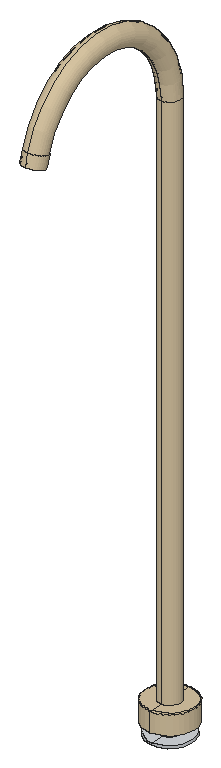
Revit family "Reece_Tap_Mizu_Drift_Bath Floor Outlet_260 mm", category Plumbing Fixtures, host Face, Revit 2018
Family settings
  Host = Face
  Round Connector Dimension = Use Diameter
  Part Type = Normal
  Cut with Voids When Loaded = No
  Shared = Yes
  Room Calculation Point = Yes
Parameters (values of type "Brushed Brass")
  WFU = 0  # constant formula
  URL = "https://www.reece.com.au/product/-2266763"
  Type Comments = "Tap"
  Reece_Tap_Reach = 260 mm  # constant formula
  Reece_Tap_Inlet = 12 mm  # constant formula
  Reece_Tap_Clearance = 872 mm  # constant formula
  Reece_Product_Web Page = "https://www.reece.com.au/product/-2266763"
  Reece_Product_Type = "Tap"  # constant formula
  Reece_Product_Sub Brand = "Drift"  # constant formula
  Reece_Product_Number = "2266763"
  Reece_Product_Mount = "Floor Mounted"
  Reece_Product_Description = "Mizu Drift MK2 Floor Mount Bath Outlet Kit Brushed Brass"
  Reece_Product_Brand = "Mizu"  # constant formula
  Reece_Overall_Length = 1000 mm  # constant formula
  Reece_Material-Main = Reece_Brass_Brushed
  Reece_Detail_Installation = ""
  Reece_Detail_Disclaimer = "THIS FILE IS THE PROPERTY OF THE REECE GROUP. IT MAY NOT BE REPRODUCED, REVERSE-ENGINEERED, OR MODIFIED. ANY REPUBLICATION, TRANSMISSION, OR DISTRIBUTION FOR THE PURPOSE OF COMMERCIALLY EXPLOITING THE FILES IS PROHIBITED."  # constant formula
  Reece_Detail_Connector = ""
  Reece_Detail_Additional = "Bath Floor Outlet"  # constant formula
  Model = "Drift"
  Manufacturer = "Mizu"
  Keynote = "Product #2266763, Reece_Tap_Mizu_Drift_Bath Floor Outlet_260 mm - Brushed Brass"
  HWFU = 0  # constant formula
  Disclaimer = "THIS FILE IS THE PROPERTY OF THE REECE GROUP. IT MAY NOT BE REPRODUCED, REVERSE-ENGINEERED, OR MODIFIED. ANY REPUBLICATION, TRANSMISSION, OR DISTRIBUTION FOR THE PURPOSE OF COMMERCIALLY EXPLOITING THE FILES IS PROHIBITED."  # constant formula
  Description = "Mizu Drift MK2 Floor Mount Bath Outlet Kit Brushed Brass"
  Default Elevation = 1000 mm
  CWFU = 0  # constant formula
Types (5, lengths in mm): name | URL | Reece_Product_Web Page | Reece_Product_Number | Reece_Product_Description | Reece_Material-Main | Keynote | Description
  Chrome | "https://www.reece.com.au/product/-9509969" | "https://www.reece.com.au/product/-9509969" | "9509969" | "Mizu Drift MK2 Floor Mounted Bath Outlet Kit Chrome" | Reece_Brass_Chrome | "Product #9509969, Reece_Tap_Mizu_Drift_Bath Floor Outlet_260 mm - Chrome" | "Mizu Drift MK2 Floor Mounted Bath Outlet Kit Chrome"
  Matte Black | "https://www.reece.com.au/product/-9509970" | "https://www.reece.com.au/product/-9509970" | "9509970" | "Mizu Drift MK2 Floor Mounted Bath Outlet Kit Matte Black" | Reece_Brass_Matte Black | "Product #9509970, Reece_Tap_Mizu_Drift_Bath Floor Outlet_260 mm - Matte Black" | "Mizu Drift MK2 Floor Mounted Bath Outlet Kit Matte Black"
  Brushed Nickel | "https://www.reece.com.au/product/-9509971" | "https://www.reece.com.au/product/-9509971" | "9509971" | "Mizu Drift MK2 Floor Mounted Bath Outlet Kit Brushed Nickel" | Reece_Brass_Brushed Nickel | "Product #9509971, Reece_Tap_Mizu_Drift_Bath Floor Outlet_260 mm - Brushed Nickel" | "Mizu Drift MK2 Floor Mounted Bath Outlet Kit Brushed Nickel"
  Brushed Gunmetal | "https://www.reece.com.au/product/-2267171" | "https://www.reece.com.au/product/-2267171" | "2267171" | "Mizu Drift MK2 Floor Mounted Bath Outlet Kit Brushed Gunmetal" | Reece_Brass_Brushed Gunmetal | "Product #2267171, Reece_Tap_Mizu_Drift_Bath Floor Outlet_260 mm - Brushed Gunmetal" | "Mizu Drift MK2 Floor Mounted Bath Outlet Kit Brushed Gunmetal"
  Brushed Brass | "https://www.reece.com.au/product/-2266763" | "https://www.reece.com.au/product/-2266763" | "2266763" | "Mizu Drift MK2 Floor Mount Bath Outlet Kit Brushed Brass" | Reece_Brass_Brushed | "Product #2266763, Reece_Tap_Mizu_Drift_Bath Floor Outlet_260 mm - Brushed Brass" | "Mizu Drift MK2 Floor Mount Bath Outlet Kit Brushed Brass"
Reference planes
  plane 1 "Center (Front/Back)": y = 0
  plane 2 "Bottom": z = 0
  plane 3 "Center (Left/Right)": x = 0
  plane 4 "Top": z = 1000
  plane 5: y = -260
  plane 6: z = 872
  plane 7: x = -37.497
  plane 8: x = 37.497
  plane 9: x = -16
  plane 10: x = 16
  plane 11: z = 29.999
Forms (mm)
  Revolve 1, solid, material "Reece_Brass_Brushed" <- "Reece_Material-Main"
    sketch origin (0, 0, 0) x (0, 1, 0) y (0, 0, 1)
      loop
        line (-37.497, 0) -> (0, 0) -> (0, 29.999) -> (-36.697, 29.999)
        arc (-36.697, 29.999) -> (-37.263, 29.765) -> (-37.497, 29.199) r 0.8
        line (-37.497, 29.199) -> (-37.497, 0)
      axis (0, 29.999) -> (0, 0)
    angle from 0 to 360
  Sweep 2, solid, material "Reece_Brass_Brushed" <- "Reece_Material-Main"
    path origin (0, 0, 0) x (0, 1, 0) y (0, 0, 1)
      loop
        line (0, 0) -> (0, 853.883)
        arc (0, 853.883) -> (-111.906, 982.617) -> (-254.963, 889.718) r 130
        line (-254.963, 889.718) -> (-260.011, 872.117)
    profile origin (0, 0, 426.941) x (0, -1, 0) y (1, 0, 0)
      loop
        circle (0, 0) r 16
      loop
        circle (0, 0) r 15
  Revolve 3, solid
    sketch origin (0, 0, 0) x (0, 1, 0) y (0, 0, 1)
      loop
        line (-33.992, -18.971) -> (-5, -18.971) -> (-5, 21.029) -> (-11.482, 21.029) -> (-11.482, 18.518) -> (-10.082, 18.518) -> (-10.082, 16.296) -> (-11.482, 16.296) -> (-11.482, 14.321) -> (-10.082, 14.321) -> (-10.082, 12.099) -> (-11.877, 12.099) -> (-11.877, 10.129) -> (-11.077, 10.129) -> (-11.077, 8.557) -> (-10.021, 2.571) -> (-10.021, 1.029) -> (-11.564, 1.029) -> (-12.593, 0) -> (-12.593, -14.979) -> (-33.992, -14.98) -> (-33.992, -18.971)
      axis (0, 21.029) -> (0, -18.971)
    angle from 0 to 360
  Extrusion 4, void
    sketch origin (0, 0, 0) x (1, 0, 0) y (0, 1, 0)
      loop
        circle (0, 0) r 15
    from -14.979 to 29.999
  Revolve 5, solid, material "Reece_Brass_Brushed" <- "Reece_Material-Main"
    sketch origin (0, 0, 0) x (0, 1, 0) y (0, 0, 1)
      loop
        line (-274.429, 876.252) -> (-260.011, 872.117) -> (-258.056, 878.934) -> (-272.475, 883.069) -> (-274.429, 876.252)
      axis (-260.011, 872.117) -> (-258.056, 878.934)
    angle from 0 to 360
Cuts and joins
  Extrusion 4 cuts Revolve 1
  Extrusion 4 cuts Sweep 2
  joined: Revolve 1, Sweep 2
Text (mm)
  text "Reece Copyright © 2018, Reece Ltd." at (209.134, -205.846, 0), in view "Ref. Level"
  text "Reece ©" at (44.384, 258.95, 192.345), in view "Reece Preview"
Dimensions and locks
  "Reece_Overall_Length": plane 4 "Top" to plane 2 "Bottom"
  Sweep 2 sketch curve to Sweep 2 sketch curve to Sweep 2 sketch curve to plane 2 "Bottom" to Sweep 2 sketch curve = 17.6 mm locked, 18.235 mm locked, 853.883 mm locked, 0 mm locked
  plane 4 "Top" to plane 2 "Bottom" = 1000 mm
  "Reece_Tap_Reach": plane 1 "Center (Front/Back)" to plane 5
  "Reece_Tap_Clearance": plane 2 "Bottom" to plane 6
  plane 1 "Center (Front/Back)" to plane 5 = 260 mm
  plane 7 to plane 8 = 74.995 mm  (x3)
  plane 10 to plane 9 = 32 mm
  plane 11 to plane 2 "Bottom" = 29.999 mm
  plane 6 to plane 2 "Bottom" = 872 mm
  plane 2 "Bottom" to plane 6 = 872 mm
  plane 2 "Bottom" to plane 4 "Top" = 1000 mm
  plane 9 to plane 10 = 32 mm  (x2)
  plane 2 "Bottom" to plane 11 = 29.999 mm
  angle plane 1 "Center (Front/Back)" to Sweep 2 sketch curve = 16.001°
  aligned and locked: plane 2 "Bottom" to host face
  aligned and locked: level to host face
  aligned and locked: Revolve 1 sketch curve to plane 1 "Center (Front/Back)"
  aligned and locked: Revolve 3 sketch curve to plane 1 "Center (Front/Back)"
Automatic sketch dimensions
  host sketch curve to host sketch curve = 380.785 mm
  host sketch curve to host sketch curve = 317.421 mm
  level to Revolve 1 sketch curve = 0 mm
  Revolve 1 sketch curve to plane 1 "Center (Front/Back)" = 0 mm
  plane 1 "Center (Front/Back)" to Revolve 1 sketch curve = 36.697 mm
  Revolve 1 sketch curve to Revolve 1 sketch curve = 0.8 mm
  Revolve 1 sketch curve to Revolve 1 sketch curve = 29.199 mm
  Revolve 1 sketch curve to level = 28.707 mm
  Revolve 1 sketch curve to Revolve 1 sketch curve = 8.534 mm
  Sweep 2 sketch curve to plane 1 "Center (Front/Back)" = 0 mm
  Sweep 2 sketch curve to plane 3 "Center (Left/Right)" = 0 mm
  Sweep 2 sketch curve to profile plane = 0 mm
  level to Revolve 3 sketch curve = 0 mm
  plane 1 "Center (Front/Back)" to Revolve 3 sketch curve = 5 mm
  level to Revolve 3 sketch curve = 2.571 mm
  plane 1 "Center (Front/Back)" to Revolve 3 sketch curve = 10.021 mm
  Revolve 3 sketch curve to Revolve 3 sketch curve = 5.082 mm
  Revolve 3 sketch curve to Revolve 3 sketch curve = 0 mm  (x2)
  Revolve 3 sketch curve to Revolve 3 sketch curve = 0.994 mm
  Revolve 3 sketch curve to Revolve 3 sketch curve = 1.399 mm  (x2)
  level to Revolve 3 sketch curve = 1.029 mm
  Revolve 3 sketch curve to Revolve 3 sketch curve = 1.543 mm
  Revolve 3 sketch curve to Revolve 3 sketch curve = 0.8 mm
  Revolve 3 sketch curve to Revolve 3 sketch curve = 1.029 mm
  Revolve 3 sketch curve to Revolve 3 sketch curve = 21.399 mm
  Revolve 3 sketch curve to level = 14.98 mm
  Revolve 3 sketch curve to Revolve 3 sketch curve = 3.992 mm
  Revolve 3 sketch curve to Revolve 3 sketch curve = 5.986 mm
  Revolve 3 sketch curve to Revolve 3 sketch curve = 1.572 mm
  Revolve 3 sketch curve to Revolve 3 sketch curve = 1.969 mm
  Revolve 3 sketch curve to Revolve 3 sketch curve = 2.222 mm  (x2)
  Revolve 3 sketch curve to Revolve 3 sketch curve = 1.975 mm
  Revolve 3 sketch curve to Revolve 3 sketch curve = 2.51 mm
  Revolve 3 sketch curve to Revolve 3 sketch curve = 9.13 mm
  Revolve 3 sketch curve to Revolve 3 sketch curve = 0.87 mm
  plane 1 "Center (Front/Back)" to Extrusion 4 sketch curve = 0 mm
  Extrusion 4 sketch curve to plane 3 "Center (Left/Right)" = 0 mm
  Sweep 2 sketch curve to Sweep 2 sketch curve = 0 mm  (x2)
  plane 1 "Center (Front/Back)" to Sweep 2 sketch curve = 130 mm
  Revolve 5 sketch curve to plane 6 = 4.252 mm
  Revolve 5 sketch curve to plane 5 = 12.475 mm
  Revolve 5 sketch curve to Revolve 5 sketch curve = 6.817 mm
  Revolve 5 sketch curve to plane 5 = 0.011 mm
  Revolve 5 sketch curve to Revolve 5 sketch curve = 0 mm  (x2)
  plane 5 to Revolve 5 sketch curve = 1.944 mm
  Revolve 5 sketch curve to Revolve 5 sketch curve = 1.696 mm
  Revolve 5 sketch curve to Revolve 5 sketch curve = 5.913 mm
  radius of Sweep 2 sketch curve = 16 mm
  radius of Extrusion 4 sketch curve = 15 mm
  radius of Sweep 2 sketch curve = 15 mm
Connectors
  piping at (0, 0, -14.979), diameter 12, driven by "Reece_Tap_Inlet"
    settings: on Revolve 3, index 1, connector inside diameter 609.6 mm, connector length 0 mm, flow factor 0, pipe flow 0.0 L/s, pressure drop 0.0 Pa, fitting loss kfactor 0, connector angle 0.00°, fixture units 0, engagement length 0 mm, angle of deflection 0.00°, flow configuration 0, flow direction 1, fitting loss method 0, system type 29, joint type 0, gender type 0, connector reference index -1, connector utility 0, adjustable connector no, is connector primary yes, connector description ""
